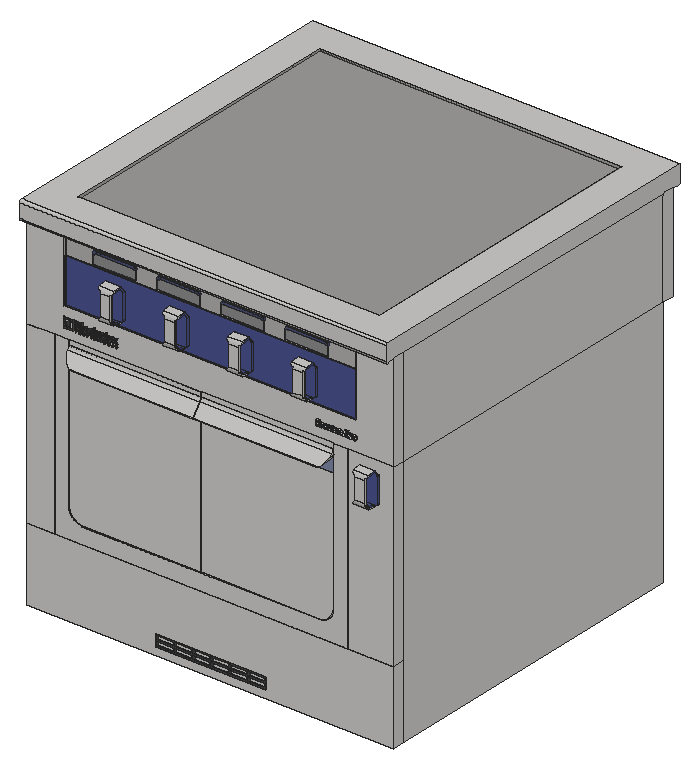
Revit family "QF_ELECTROLUXPROFESSIONAL_588436_MAIQFAH4AO", category Attrezzature speciali, Revit 2020
Family settings
  Quota connettore circolare = Usa diametro
  Tipo di parte = Normale
  Basato su piano di lavoro = No
  Sempre verticale = Sì
  Taglio con vuoti quando caricato = No
  Condiviso = No
  Punto di calcolo locali = No
Parameters (values of type "Standard")
  Weight = 72.00 kg
  Watts = 22000 W
  Volts = 400 V
  URL Manufacturer = "https://www.electroluxprofessional.com/"
  URL = "https://www.electroluxprofessional.com/"
  Steam Supply Size = 0"
  Steam Supply Minimum Pressure = 0.00 psi
  Steam Supply Maximum Pressure = 0.00 psi
  Steam Consumption per Hour = 0
  Refrigeration Suction Line Size = 0 mm
  Refrigeration Liquid Line Size = 0 mm
  Refrigerant Compressor Remote = yes
  Prospetto di default = 0 mm
  Phase = 3
  Modello = "MAIQFAH4AO"
  Produttore = "Electrolux Professional"
  Length Actual = 800 mm  # constant formula
  Item Number = "588436"
  Hot Water Size = 0"
  Height Actual = 800 mm  # constant formula
  HP = "29.5 HP"
  Gas Size = 0"
  Gas KW = 0
  Gas Input Pressure = 0.0 Btu/h
  Direct Waste Size = 0"
  Descrizione = "INDUCTION,4Z,WARM CAB,1S,800X800X800H"
  Depth Actual = 800 mm  # constant formula
  Cycle = 50 Hz
  Condensate Return Size = 0"
  Compressed Air Volume = 0 GPM
  Compressed Air Size = 0"
  Compressed Air Pressure = 0.00 psi
  Cold Water Size = 0"
  Accessory = yes
Reference planes
  plane 1 "BACK": y = 0
  plane 2: z = 0
  plane 3 "LEFT": x = 0
  plane 4 "RIGHT": x = 800
  plane 5 "FRONT": y = -800
  plane 6 "TOP": z = 900
  plane 7 "Center (Left/Right)": x = 400
  plane 8: y = -400
  plane 9: z = 100
  plane 10: y = -150
  plane 11 "Panel": y = -755
  plane 12: z = 798
  plane 13: z = 1327
  plane 14: x = 78
  plane 15: x = 722
  plane 16: y = -150
  plane 17: y = -650
  plane 18 "EIx": x = 755
  plane 19 "EIy": y = -585
  plane 20: x = 380
  plane 21 "BASE_TOP": z = 650
  plane 22: x = 60
  plane 23: x = 700
  plane 24: z = 260
  plane 25: z = 938
Forms (mm)
  Extrusion 1, solid, material "QF_Finishes_Stainless Steel"
    sketch origin (-178.969, -4572, 100) x (-1, 0, 0) y (0, -1, 0)
      loop
        line (-178.969, -4527) -> (-178.969, -3817) -> (-978.969, -3817) -> (-978.969, -4527) -> (-178.969, -4527)
    from 550 to 762.969
  Extrusion 2, solid, material "QF_Finishes_Stainless Steel"
    sketch origin (0, 0, 0) x (0, 1, 0) y (0, 0, 1)
      loop
        line (-755, 100) -> (-755, 260) -> (-780, 260) -> (-780, 100) -> (-755, 100)
    from 0 to 800
  Extrusion 3, solid, material "QF_Finishes_Stainless Steel"
    sketch origin (-588.969, -4562, 100) x (-1, 0, 0) y (0, -1, 0)
      loop
        circle (-1343.969, -3977) r 6.35
    from 0 to -11.851
  Extrusion 4, solid, material "QF_Finishes_Stainless Steel"
    sketch origin (400, 296.4, 1219.2) x (0, 1, 0) y (0, 0, 1)
      loop
        line (-296.4, -319.2) -> (-1091.4, -319.2)
        arc (-1091.4, -319.2) -> (-1094.935, -320.664) -> (-1096.4, -324.2) r 5
        line (-1096.4, -324.2) -> (-1096.4, -355.2)
        arc (-1096.4, -355.2) -> (-1094.971, -358.264) -> (-1091.705, -359.139) r 4
        line (-1091.705, -359.139) -> (-1076.4, -356.231) -> (-316.4, -356.231) -> (-301.094, -359.139)
        arc (-301.094, -359.139) -> (-297.829, -358.264) -> (-296.4, -355.2) r 4
        line (-296.4, -355.2) -> (-296.4, -319.2)
    from -400 to 400
  Extrusion 5, solid, material "QF_Finishes_Stainless Steel"
    sketch origin (-178.969, -4572, 100) x (-1, 0, 0) y (0, -1, 0)
      loop
        line (-178.969, -4527) -> (-178.969, -3817) -> (-978.969, -3817) -> (-978.969, -4527) -> (-178.969, -4527)
    from 550 to 0
  Extrusion 6, void
    sketch origin (0, -755, 0) x (-1, 0, 0) y (0, 0, 1)
      loop
        line (-520, 116.594) -> (-280, 116.594) -> (-280, 141.594) -> (-520, 141.594) -> (-520, 116.594)
    from -20 to -25
  Extrusion 7, solid, material "QF_Finishes_Black"
    sketch origin (0, -755, 0) x (-1, 0, 0) y (0, 0, 1)
      loop
        line (-280, 141.594) -> (-520, 141.594) -> (-520, 116.594) -> (-280, 116.594) -> (-280, 141.594)
      loop
        line (-282, 139.594) -> (-319.131, 139.594) -> (-319.131, 130.094) -> (-282, 130.094) -> (-282, 139.594)
      loop
        line (-282, 118.594) -> (-282, 128.094) -> (-319.131, 128.094) -> (-319.131, 118.594) -> (-282, 118.594)
      loop
        line (-321.131, 139.594) -> (-359.066, 139.594) -> (-359.066, 130.094) -> (-321.131, 130.094) -> (-321.131, 139.594)
      loop
        line (-399, 139.594) -> (-399, 130.094) -> (-361.066, 130.094) -> (-361.066, 139.594) -> (-399, 139.594)
      loop
        line (-401, 139.594) -> (-438.934, 139.594) -> (-438.934, 130.094) -> (-401, 130.094) -> (-401, 139.594)
      loop
        line (-359.066, 118.594) -> (-321.131, 118.594) -> (-321.131, 128.094) -> (-359.066, 128.094) -> (-359.066, 118.594)
      loop
        line (-361.066, 118.594) -> (-361.066, 128.094) -> (-399, 128.094) -> (-399, 118.594) -> (-361.066, 118.594)
      loop
        line (-401, 128.094) -> (-438.934, 128.094) -> (-438.934, 118.594) -> (-401, 118.594) -> (-401, 128.094)
      loop
        line (-518, 139.594) -> (-518, 130.094) -> (-480.869, 130.094) -> (-480.869, 139.594) -> (-518, 139.594)
      loop
        line (-518, 118.594) -> (-480.869, 118.594) -> (-480.869, 128.094) -> (-518, 128.094) -> (-518, 118.594)
      loop
        line (-478.869, 139.594) -> (-478.869, 130.094) -> (-440.934, 130.094) -> (-440.934, 139.594) -> (-478.869, 139.594)
      loop
        line (-440.934, 118.594) -> (-440.934, 128.094) -> (-478.869, 128.094) -> (-478.869, 118.594) -> (-440.934, 118.594)
    from -25 to -20
  Extrusion 8, solid, material "QF_Finishes_Stainless Steel"
    sketch origin (0, -755, 0) x (-1, 0, 0) y (0, 0, 1)
      loop
        line (0, 260) -> (0, 650) -> (-60, 650) -> (-60, 260) -> (0, 260)
    from 0 to -25.03
  Extrusion 9, solid, material "QF_Finishes_Stainless Steel"
    sketch origin (0, -755, 0) x (-1, 0, 0) y (0, 0, 1)
      loop
        line (-700, 260) -> (-700, 650) -> (-800, 650) -> (-800, 260) -> (-700, 260)
    from 0 to -25.03
  Extrusion 10, solid, material "QF_Finishes_Stainless Steel"
    sketch origin (70, -755, 0) x (-1, 0, 0) y (0, 0, 1)
      loop
        line (10, 260) -> (10, 650) -> (-20, 650) -> (-20, 325)
        arc (-20, 325) -> (-28.787, 303.787) -> (-50, 295) r 30
        line (-50, 295) -> (-570, 295)
        arc (-570, 295) -> (-591.213, 303.787) -> (-600, 325) r 30
        line (-600, 325) -> (-600, 650) -> (-630, 650) -> (-630, 260) -> (10, 260)
    from 0 to -25.03
  Extrusion 11, solid, material "QF_Finishes_Electrolux_Black Smoke Iluminated"
    sketch origin (0, 0, 900) x (-1, 0, 0) y (0, -1, 0)
      loop
        line (-70, 70) -> (-70, 730) -> (-730, 730) -> (-730, 70) -> (-70, 70)
    from -5 to 0
  Extrusion 12, void
    sketch origin (11.152, -20, 900) x (-1, 0, 0) y (0, -1, 0)
      loop
        line (-58.848, 50) -> (-58.848, 710) -> (-718.848, 710) -> (-718.848, 50) -> (-58.848, 50)
    from -5 to 40.278
  Extrusion 13, solid, material "QF_Finishes_Stainless Steel"
    sketch origin (400, 296.4, 1219.2) x (0, 1, 0) y (0, 0, 1)
      loop
        line (-341.4, -356.231) -> (-341.4, -569.2) -> (-316.4, -569.2) -> (-316.4, -356.231) -> (-341.4, -356.231)
    from -400 to 400
Cuts and joins
  Extrusion 6 cuts Extrusion 5
  Extrusion 6 cuts Extrusion 2
  Extrusion 12 cuts Extrusion 4
Lines and regions (mm)
  symbolic lines
    curve 1: line (0, 0, 100) -> (800, 0, 100)
    curve 2: line (0, -800, 100) -> (0, 0, 100)
    curve 3: line (800, -800, 100) -> (0, -800, 100)
    curve 4: line (800, 0, 100) -> (800, -800, 100)
    curve 43: line (0, -2, 900) -> (800, -2, 900)
  model lines
    curve 5: line (700, -80, 900) -> (100, -80, 900)
    curve 6: line (100, -80, 900) -> (78.787, -101.213, 900)
    curve 7: line (700, -80, 900) -> (721.213, -101.213, 900)
    curve 8: line (700, -720, 900) -> (100, -720, 900)
    curve 9: line (100, -720, 900) -> (78.787, -698.787, 900)
    curve 10: line (700, -720, 900) -> (721.213, -698.787, 900)
    curve 11: line (107.267, -132.845, 900) -> (107.267, -367.845, 900)
    curve 12: line (107.267, -367.845, 900) -> (124.945, -385.523, 900)
    curve 13: line (107.267, -132.845, 900) -> (124.945, -115.167, 900)
    curve 14: line (192.267, -250.345, 900) -> (292.267, -250.345, 900)
    curve 15: line (377.267, -132.845, 900) -> (377.267, -367.845, 900)
    curve 16: line (377.267, -367.845, 900) -> (359.59, -385.523, 900)
    curve 17: line (377.267, -132.845, 900) -> (359.59, -115.167, 900)
    curve 18: line (242.267, -300.345, 900) -> (242.267, -200.345, 900)
    curve 19: line (692.733, -132.845, 900) -> (692.733, -367.845, 900)
    curve 20: line (692.733, -367.845, 900) -> (675.055, -385.523, 900)
    curve 21: line (692.733, -132.845, 900) -> (675.055, -115.167, 900)
    curve 22: line (607.733, -250.345, 900) -> (507.733, -250.345, 900)
    curve 23: line (422.733, -132.845, 900) -> (422.733, -367.845, 900)
    curve 24: line (422.733, -367.845, 900) -> (440.41, -385.523, 900)
    curve 25: line (422.733, -132.845, 900) -> (440.41, -115.167, 900)
    curve 26: line (557.733, -300.345, 900) -> (557.733, -200.345, 900)
    curve 27: line (107.267, -667.155, 900) -> (107.267, -432.155, 900)
    curve 28: line (107.267, -432.155, 900) -> (124.945, -414.477, 900)
    curve 29: line (107.267, -667.155, 900) -> (124.945, -684.833, 900)
    curve 30: line (192.267, -549.655, 900) -> (292.267, -549.655, 900)
    curve 31: line (377.267, -667.155, 900) -> (377.267, -432.155, 900)
    curve 32: line (377.267, -432.155, 900) -> (359.59, -414.477, 900)
    curve 33: line (377.267, -667.155, 900) -> (359.59, -684.833, 900)
    curve 34: line (242.267, -499.655, 900) -> (242.267, -599.655, 900)
    curve 35: line (692.733, -667.155, 900) -> (692.733, -432.155, 900)
    curve 36: line (692.733, -432.155, 900) -> (675.055, -414.477, 900)
    curve 37: line (692.733, -667.155, 900) -> (675.055, -684.833, 900)
    curve 38: line (607.733, -549.655, 900) -> (507.733, -549.655, 900)
    curve 39: line (422.733, -667.155, 900) -> (422.733, -432.155, 900)
    curve 40: line (422.733, -432.155, 900) -> (440.41, -414.477, 900)
    curve 41: line (422.733, -667.155, 900) -> (440.41, -684.833, 900)
    curve 42: line (557.733, -499.655, 900) -> (557.733, -599.655, 900)
Dimensions and locks
  plane 3 "LEFT" to plane 4 "RIGHT" = 800 mm
  plane 5 "FRONT" to plane 1 "BACK" = 800 mm
  equal spacing: plane 3 "LEFT", plane 7 "Center (Left/Right)", plane 4 "RIGHT"
  equal spacing: plane 5 "FRONT", plane 8, plane 1 "BACK"
  plane 9 to level = 100 mm
  plane 1 "BACK" to plane 10 to plane 11 "Panel" = 150 mm, 605 mm  (x2)
  plane 6 "TOP" to plane 9 to level = 800 mm, 100 mm
  plane 6 "TOP" to level = 900 mm
  plane 1 "BACK" to plane 5 "FRONT" = 800 mm
  plane 1 "BACK" to Extrusion 3 = 585 mm
  plane 12 to plane 9 = 698 mm
  plane 13 to plane 6 "TOP" = 427 mm
  plane 6 "TOP" to plane 12 = 102 mm
  plane 14 to plane 3 "LEFT" = 78 mm
  plane 15 to plane 4 "RIGHT" = 78 mm
  locked: plane 1 "BACK" to plane 16 at 150
  locked: plane 16 to plane 17 at 500
  plane 11 "Panel" to plane 5 "FRONT" = 45 mm
  plane 18 "EIx" to plane 4 "RIGHT" = 45 mm
  plane 19 "EIy" to plane 1 "BACK" = 585 mm
  plane 7 "Center (Left/Right)" to plane 20 = 20 mm
  locked: plane 22 to plane 3 "LEFT" at 60
  plane 23 to plane 4 "RIGHT" = 100 mm
  plane 6 "TOP" to plane 21 "BASE_TOP" to plane 9 to level = 250 mm, 550 mm, 100 mm
  plane 25 to plane 6 "TOP" = 38 mm
  aligned and locked: level to plane 2
  aligned and locked: Extrusion 2 to plane 4 "RIGHT"
  aligned and locked: Extrusion 9 to plane 4 "RIGHT"
  aligned and locked: Extrusion 9 to plane 23
  aligned and locked: plane 21 "BASE_TOP" to Extrusion 9
  aligned and locked: Extrusion 9 to plane 24
  aligned and locked: Extrusion 8 to plane 3 "LEFT"
  aligned and locked: plane 22 to Extrusion 8
  aligned and locked: Extrusion 8 to plane 24
  aligned and locked: Extrusion 10 sketch curve to plane 22
  aligned and locked: Extrusion 10 sketch curve to plane 23
  aligned and locked: Extrusion 10 sketch curve to plane 21 "BASE_TOP"
  aligned and locked: plane 24 to cut or joined group of Extrusion 2, Extrusion 6
  aligned and locked: plane 21 "BASE_TOP" to cut or joined group of Extrusion 5, Extrusion 6
  aligned and locked: Extrusion 1 to plane 21 "BASE_TOP"
  aligned and locked: plane 3 "LEFT" to nested 3
  aligned and locked: nested 3 to plane 21 "BASE_TOP"
  aligned and locked: plane 21 "BASE_TOP" to nested 2
  aligned and locked: Extrusion 13 to Extrusion 1
  aligned and locked: Extrusion 13 to plane 3 "LEFT"
Automatic sketch dimensions
  Extrusion 3 sketch curve to plane 18 "EIx" = 0 mm
  Extrusion 3 sketch curve to plane 19 "EIy" = 0 mm
  Extrusion 1 sketch curve to plane 4 "RIGHT" = 0 mm
  Extrusion 1 sketch curve to plane 3 "LEFT" = 0 mm
  Extrusion 1 sketch curve to plane 11 "Panel" = 0 mm
  plane 1 "BACK" to Extrusion 1 sketch curve = 45 mm
  Extrusion 2 sketch curve to plane 9 = 0 mm
  Extrusion 2 sketch curve to plane 24 = 0 mm
  Extrusion 2 sketch curve to plane 11 "Panel" = 0 mm
  Extrusion 2 sketch curve to plane 5 "FRONT" = 20 mm
  plane 1 "BACK" to curve 1 = 0 mm
  curve 1 to plane 4 "RIGHT" = 0 mm
  curve 3 to plane 3 "LEFT" = 0 mm
  plane 5 "FRONT" to curve 3 = 0 mm
  Extrusion 4 sketch curve to plane 5 "FRONT" = 0 mm
  Extrusion 4 sketch curve to plane 6 "TOP" = 0 mm
  Extrusion 4 sketch curve to plane 1 "BACK" = 0 mm
  Extrusion 4 sketch curve to plane 5 "FRONT" = 4 mm
  Extrusion 4 sketch curve to Extrusion 4 sketch curve = 0.695 mm
  Extrusion 4 sketch curve to plane 5 "FRONT" = 5 mm
  Extrusion 4 sketch curve to Extrusion 4 sketch curve = 15.305 mm
  plane 1 "BACK" to Extrusion 4 sketch curve = 20 mm
  plane 1 "BACK" to Extrusion 4 sketch curve = 4.695 mm
  Extrusion 4 sketch curve to Extrusion 4 sketch curve = 4 mm
  Extrusion 4 sketch curve to Extrusion 4 sketch curve = 31 mm
  Extrusion 4 sketch curve to plane 6 "TOP" = 36 mm
  Extrusion 4 sketch curve to Extrusion 4 sketch curve = 2.909 mm
  Extrusion 5 sketch curve to plane 4 "RIGHT" = 0 mm
  Extrusion 5 sketch curve to plane 3 "LEFT" = 0 mm
  Extrusion 5 sketch curve to plane 11 "Panel" = 0 mm
  plane 1 "BACK" to Extrusion 5 sketch curve = 45 mm
  Extrusion 6 sketch curve to plane 24 = 118.406 mm
  plane 7 "Center (Left/Right)" to Extrusion 6 sketch curve = 120 mm
  Extrusion 6 sketch curve to plane 20 = 100 mm
  plane 9 to Extrusion 6 sketch curve = 16.594 mm
  Extrusion 7 sketch curve to plane 24 = 118.406 mm
  plane 7 "Center (Left/Right)" to Extrusion 7 sketch curve = 120 mm
  Extrusion 7 sketch curve to Extrusion 7 sketch curve = 2 mm  (x16)
  Extrusion 7 sketch curve to Extrusion 7 sketch curve = 0 mm  (x15)
  Extrusion 7 sketch curve to Extrusion 7 sketch curve = 37.131 mm  (x2)
  Extrusion 7 sketch curve to Extrusion 7 sketch curve = 37.934 mm  (x2)
  plane 7 "Center (Left/Right)" to Extrusion 7 sketch curve = 1 mm  (x2)
  Extrusion 7 sketch curve to plane 7 "Center (Left/Right)" = 1 mm  (x2)
  Extrusion 7 sketch curve to plane 20 = 18.934 mm
  plane 9 to Extrusion 7 sketch curve = 18.594 mm  (x4)
  Extrusion 7 sketch curve to Extrusion 7 sketch curve = 9.5 mm  (x6)
  curve 8 to plane 23 = 0 mm
  curve 7 to plane 23 = 0 mm
  curve 37 to plane 23 = 7.267 mm
  curve 19 to plane 23 = 7.267 mm
  plane 7 "Center (Left/Right)" to curve 23 = 22.733 mm
  plane 7 "Center (Left/Right)" to curve 39 = 22.733 mm
  curve 15 to plane 20 = 2.733 mm
  curve 33 to plane 20 = 2.733 mm
  curve 27 to plane 14 = 29.267 mm
  curve 11 to plane 14 = 29.267 mm
  curve 8 to plane 14 = 22 mm
  curve 5 to plane 14 = 22 mm
  plane 10 to curve 5 = 70 mm
  plane 10 to curve 21 = 17.155 mm
  plane 10 to curve 11 = 17.155 mm
  plane 10 to curve 17 = 17.155 mm
  plane 10 to curve 25 = 17.155 mm
  plane 8 to curve 16 = 32.155 mm
  plane 8 to curve 23 = 32.155 mm
  plane 8 to curve 19 = 32.155 mm
  plane 8 to curve 12 = 32.155 mm
  curve 35 to plane 8 = 32.155 mm
  curve 31 to plane 8 = 32.155 mm
  curve 40 to plane 8 = 32.155 mm
  curve 27 to plane 8 = 32.155 mm
  plane 17 to curve 29 = 17.155 mm
  plane 17 to curve 33 = 17.155 mm
  plane 17 to curve 35 = 17.155 mm
  plane 17 to curve 39 = 17.155 mm
  plane 11 "Panel" to curve 10 = 35 mm
  plane 15 to curve 10 = 0.787 mm
  plane 15 to curve 7 = 0.787 mm
  curve 20 to plane 23 = 24.945 mm
  curve 37 to plane 23 = 24.945 mm
  curve 21 to plane 23 = 24.945 mm
  curve 36 to plane 23 = 24.945 mm
  plane 19 "EIy" to curve 38 = 35.345 mm
  curve 38 to plane 23 = 92.267 mm
  curve 22 to plane 23 = 92.267 mm
  curve 22 to curve 26 = 50 mm  (x2)
  curve 38 to curve 42 = 50 mm
  curve 42 to curve 38 = 50 mm  (x2)
  curve 26 to curve 22 = 50 mm  (x2)
  curve 41 to curve 39 = 17.678 mm
  curve 40 to plane 8 = 14.477 mm
  curve 40 to curve 39 = 17.678 mm
  plane 8 to curve 24 = 14.477 mm
  curve 24 to curve 23 = 17.678 mm
  curve 25 to curve 23 = 17.678 mm  (x2)
  curve 33 to plane 20 = 20.41 mm
  curve 17 to plane 20 = 20.41 mm
  curve 16 to plane 20 = 20.41 mm
  curve 32 to plane 20 = 20.41 mm
  curve 14 to plane 20 = 87.733 mm
  plane 19 "EIy" to curve 30 = 35.345 mm
  curve 30 to plane 20 = 87.733 mm
  curve 34 to plane 19 "EIy" = 14.655 mm
  curve 30 to curve 34 = 50 mm
  curve 14 to curve 18 = 50 mm  (x2)
  curve 34 to curve 30 = 50 mm  (x2)
  curve 18 to curve 14 = 50 mm  (x2)
  plane 8 to curve 12 = 14.477 mm
  curve 12 to curve 11 = 17.678 mm
  curve 28 to plane 8 = 14.477 mm
  curve 28 to curve 27 = 17.678 mm
  curve 29 to curve 27 = 17.678 mm
  curve 13 to curve 11 = 17.678 mm  (x2)
  curve 9 to plane 14 = 0.787 mm
  curve 6 to plane 14 = 0.787 mm
  curve 5 to curve 7 = 21.213 mm
  curve 5 to curve 6 = 21.213 mm
  curve 17 to curve 15 = 17.678 mm
  curve 21 to curve 19 = 17.678 mm
  curve 26 to plane 10 = 50.345 mm
  curve 18 to plane 10 = 50.345 mm
  plane 8 to curve 16 = 14.477 mm
  plane 8 to curve 20 = 14.477 mm
  curve 36 to plane 8 = 14.477 mm
  curve 32 to plane 8 = 14.477 mm
  curve 42 to plane 19 "EIy" = 14.655 mm
  curve 31 to curve 33 = 17.678 mm
  curve 39 to curve 41 = 17.678 mm
  curve 27 to curve 29 = 17.678 mm
  curve 35 to curve 37 = 17.678 mm
  curve 10 to curve 8 = 21.213 mm
  curve 9 to curve 8 = 21.213 mm
  Extrusion 8 sketch curve to plane 22 = 0 mm
  Extrusion 8 sketch curve to plane 3 "LEFT" = 0 mm
  Extrusion 8 sketch curve to plane 24 = 0 mm
  Extrusion 8 sketch curve to plane 21 "BASE_TOP" = 0 mm
  plane 4 "RIGHT" to Extrusion 9 sketch curve = 0 mm
  Extrusion 9 sketch curve to plane 21 "BASE_TOP" = 0 mm
  Extrusion 9 sketch curve to plane 23 = 0 mm
  Extrusion 9 sketch curve to plane 24 = 0 mm
  Extrusion 10 sketch curve to plane 21 "BASE_TOP" = 0 mm
  Extrusion 10 sketch curve to plane 24 = 0 mm
  Extrusion 10 sketch curve to plane 23 = 30 mm
  Extrusion 10 sketch curve to Extrusion 10 sketch curve = 30 mm
  Extrusion 10 sketch curve to plane 14 = 42 mm
  Extrusion 10 sketch curve to plane 14 = 12 mm
  plane 24 to Extrusion 10 sketch curve = 35 mm
  Extrusion 11 sketch curve to plane 15 = 8 mm
  plane 14 to Extrusion 11 sketch curve = 8 mm
  plane 1 "BACK" to Extrusion 11 sketch curve = 70 mm
  plane 11 "Panel" to Extrusion 11 sketch curve = 25 mm
  Extrusion 12 sketch curve to plane 15 = 8 mm
  plane 14 to Extrusion 12 sketch curve = 8 mm
  plane 1 "BACK" to Extrusion 12 sketch curve = 70 mm
  plane 11 "Panel" to Extrusion 12 sketch curve = 25 mm
  Extrusion 13 sketch curve to plane 21 "BASE_TOP" = 0 mm
  plane 1 "BACK" to Extrusion 13 sketch curve = 45 mm
  plane 1 "BACK" to Extrusion 13 sketch curve = 20 mm
  Extrusion 13 sketch curve to plane 6 "TOP" = 37.031 mm
  radius of Extrusion 3 sketch curve = 6.35 mm
Nested families
  nested 1: "FIT Range Control Handle" at (745, -783.167, -372.751), type "FIT Range Control Handle"
  nested 2: "H450H2_2DOOR" at (343.958, -755, 200) x (1, 0, 0) z (0, -1, 0), type "H450H2_2DOOR"
    with Width 580 mm, Wdoor 290 mm, Show Clearance yes
  nested 3: "Front_Panel_W800_4 Knobs" at (202.376, -755, 0), type "Front_Panel_W800_4 Knobs"
Connectors
  electrical at (755, -585, 88.149)
    settings: on Extrusion 3, index 1, voltage 400 V, apparent load 33000 VA, apparent load phase1 0 VA, apparent load phase2 0 VA, apparent load phase3 0 VA, power factor 1, load classification "Other", number of poles 1, system type 30, power factor state 1, is connector primary yes, connector utility no, sub classification motor no, connector description "ELECTRICAL CONNECTION"
Definition of nested family "FIT Range Control Handle"
  Parameters
    Default Elevation = 0 mm
  Reference planes
    plane 1 "Center (Front/Back)": y = 0
    plane 2: z = 0
    plane 3 "Center (Left/Right)": x = 0
    plane 4: z = 971.092
    plane 5: y = -16.8
  Forms (mm)
    Extrusion 1, solid
      sketch origin (-746.28, 380.497, 208.931) x (-1, 0, 0) y (0, 0, 1)
        loop
          line (-770.101, 786.798) -> (-770.101, 731.649)
          arc (-770.101, 731.649) -> (-769.759, 730.563) -> (-768.855, 729.87) r 1.893
          line (-768.855, 729.87) -> (-763.474, 727.911) -> (-729.81, 727.911) -> (-724.428, 729.87)
          arc (-724.428, 729.87) -> (-723.525, 730.563) -> (-723.183, 731.649) r 1.893
          line (-723.183, 731.649) -> (-723.183, 786.798)
          arc (-723.183, 786.798) -> (-723.529, 787.894) -> (-724.44, 788.593) r 1.91
          line (-724.44, 788.593) -> (-729.683, 790.819) -> (-763.601, 790.819) -> (-768.844, 788.593)
          arc (-768.844, 788.593) -> (-769.755, 787.894) -> (-770.101, 786.798) r 1.91
      from -382.35 to -378.852
    Sweep 2, solid
      path origin (-746.788, 380.496, 208.091) x (0, -1, 0) y (0, 0, 1)
        loop
          line (379.775, 793.281) -> (395.661, 791.048)
          arc (395.661, 791.048) -> (397.781, 787.377) -> (398.517, 783.202) r 12.207
          line (398.517, 783.202) -> (398.517, 737.368)
          arc (398.517, 737.368) -> (397.781, 733.193) -> (395.661, 729.522) r 12.207
          line (395.661, 729.522) -> (379.775, 727.289)
      profile origin (-746.788, -7.222, 1000.256) x (0, -0.139173, 0.990268) y (-1, 0, 0)
        loop
          line (0.782, -763.123) -> (0.782, -730.907) -> (-1.322, -730.907) -> (-1.322, -763.123) -> (0.782, -763.123)
    Sweep 3, solid
      path origin (-746.788, 380.715, 207.832) x (0, -1, 0) y (0, 0, 1)
        loop
          line (380.478, 795.442) -> (397.218, 793.09)
          arc (397.218, 793.09) -> (399.929, 788.473) -> (400.871, 783.202) r 15.207
          line (400.871, 783.202) -> (400.871, 737.584)
          arc (400.871, 737.584) -> (399.914, 732.274) -> (397.164, 727.633) r 15.207
          line (397.164, 727.633) -> (380.601, 725.305)
      profile origin (-746.788, -8.132, 1002.099) x (0, -0.139173, 0.990268) y (-1, 0, 0)
        loop
          line (0.782, -763.123) -> (0.782, -730.907) -> (-1.322, -730.907) -> (-1.322, -763.123) -> (0.782, -763.123)
    Extrusion 4, void
      sketch origin (889.253, 220.666, 207.993) x (1, 0, 0) y (0, 0, 1)
        loop
          line (-943.038, 816.854) -> (-943.038, 703.686) -> (-899.466, 734.196) -> (-899.466, 786.344) -> (-943.038, 816.854)
      from 230.636 to 242.25
    Extrusion 5, void
      sketch origin (-888.8, 220.666, 207.993) x (-1, 0, 0) y (0, 0, -1)
        loop
          line (-943.038, -816.854) -> (-899.466, -786.344) -> (-899.466, -734.196) -> (-943.038, -703.686) -> (-943.038, -816.854)
      from 230.636 to 242.25
    Extrusion 6, solid
      sketch origin (0, 0, 0) x (1, 0, 0) y (0, 0, 1)
        loop
          circle (0, 971.092) r 7.736
      from -3.137 to -1.645
  Cuts and joins
    Extrusion 4, Extrusion 5 cuts Sweep 3
    Extrusion 4, Extrusion 5 cuts Sweep 2
    joined: Extrusion 1, Extrusion 6
  Lines and regions (mm)
    symbolic lines
      curve 1: line (-15.881, -19.189, 0) -> (-15.881, -16.8, 0)
      curve 2: line (16.334, -19.189, 0) -> (16.334, -16.8, 0)
      curve 3: spline (-15.881, -19.189, 0) -> (-15.417, -19.349, 0) -> (-14.951, -19.501, 0) -> (-14.483, -19.646, 0) -> (-14.014, -19.783, 0) -> (-13.543, -19.912, 0) -> (-13.071, -20.033, 0) -> (-12.597, -20.146, 0) -> (-12.122, -20.251, 0) -> (-11.646, -20.349, 0) -> (-11.169, -20.438, 0) -> (-10.691, -20.52, 0) -> (-10.213, -20.593, 0)
      curve 4: spline (10.666, -20.593, 0) -> (11.144, -20.52, 0) -> (11.622, -20.438, 0) -> (12.099, -20.349, 0) -> (12.575, -20.251, 0) -> (13.05, -20.146, 0) -> (13.524, -20.033, 0) -> (13.996, -19.912, 0) -> (14.467, -19.783, 0) -> (14.936, -19.646, 0) -> (15.404, -19.501, 0) -> (15.87, -19.349, 0) -> (16.334, -19.189, 0)
      curve 5: line (-10.213, -20.938, 0) -> (10.716, -20.938, 0)
  Dimensions and locks
    cut or joined group of Sweep 3, Extrusion 4, Extrusion 5 to cut or joined group of Sweep 3, Extrusion 4, Extrusion 5 = 71.686 mm
Definition of nested family "H450H2_2DOOR"
  Parameters
    Width [instance] = 580 mm
    Wdoor [instance] = Width / 2  # 290 mm
    Show Clearance [instance] = yes
    Model = "727995"
    Height = 450 mm
    Default Elevation = 0 mm
  Reference planes
    plane 1 "Center (Front/Back)": y = 0
    plane 2: z = 0
    plane 3 "Center (Left/Right)": x = 36.042
    plane 4 "panel": z = 25
    plane 5: x = -253.958
    plane 6: x = 326.042
    plane 7: y = 450
    plane 8: z = 290
    plane 9: z = 45
  Forms (mm)
    Extrusion 1, solid
      sketch origin (0, -919.2, 0) x (1, 0, 0) y (0, 1, 0)
        loop
          line (-980.5, 2119.2) -> (-980.5, -162.846) -> (881.94, -162.846) -> (881.94, 2119.2) -> (-980.5, 2119.2)
      from 0 to -59.546
    Extrusion 2, solid
      sketch origin (0, 0, 0) x (1, 0, 0) y (0, 1, 0)
        loop
          line (324.042, 393) -> (37.042, 393) -> (37.042, 97) -> (294.042, 97)
          arc (294.042, 97) -> (315.255, 105.787) -> (324.042, 127) r 30
          line (324.042, 127) -> (324.042, 393)
        loop
          arc (-251.958, 127) -> (-243.171, 105.787) -> (-221.958, 97) r 30
          line (-221.958, 97) -> (35.042, 97) -> (35.042, 393) -> (-251.958, 393) -> (-251.958, 127)
      from 0 to 25
    Extrusion 3, solid
      sketch origin (0, 0, 0) x (1, 0, 0) y (0, 1, 0)
        loop
          line (-251.958, 393) -> (35.042, 393) -> (35.042, 440) -> (-251.958, 440) -> (-251.958, 393)
        loop
          line (37.042, 440) -> (37.042, 393) -> (324.042, 393) -> (324.042, 440) -> (37.042, 440)
      from 0 to 25
    Extrusion 4, solid
      sketch origin (5.581, 79.805, 0) x (1, 0, 0) y (0, 1, 0)
        loop
          line (-257.539, 360.195) -> (29.461, 360.195) -> (29.461, 370.195) -> (-257.539, 370.195) -> (-257.539, 360.195)
        loop
          line (31.461, 370.195) -> (31.461, 360.195) -> (318.461, 360.195) -> (318.461, 370.195) -> (31.461, 370.195)
      from 0 to 25
    Extrusion 5, solid
      sketch origin (36.042, 0, 0) x (0, 1, 0) y (0, 0, 1)
        loop
          line (426.693, 25) -> (440.02, 25)
          arc (440.02, 25) -> (435.261, 25.775) -> (430.993, 28.02) r 15
          line (430.993, 28.02) -> (406.653, 46.362) -> (403.644, 42.369) -> (426.693, 25)
      from 1 to 288
    Extrusion 6, solid
      sketch origin (36.042, 0, 0) x (0, 1, 0) y (0, 0, 1)
        loop
          line (426.693, 25) -> (440.02, 25)
          arc (440.02, 25) -> (435.261, 25.775) -> (430.993, 28.02) r 15
          line (430.993, 28.02) -> (406.653, 46.362) -> (403.644, 42.369) -> (426.693, 25)
      from -288 to -1
    Extrusion 7, void
      sketch origin (0, 0, 0) x (1, 0, 0) y (0, 1, 0)
        loop
          arc (324.042, 426.693) -> (314.508, 412.772) -> (300.317, 403.644) r 42.603
          line (300.317, 403.644) -> (324.042, 403.644) -> (324.042, 426.693)
      from 0 to 47.9
    Extrusion 8, void
      sketch origin (72.084, 0, 0) x (-1, 0, 0) y (0, -1, 0)
        loop
          line (324.042, -426.693) -> (324.042, -403.644) -> (300.317, -403.644)
          arc (300.317, -403.644) -> (314.508, -412.772) -> (324.042, -426.693) r 42.603
      from 0 to 47.9
    Extrusion 9, solid, detail levels coarse
      sketch origin (0, 0, 0) x (1, 0, 0) y (0, 0, 1)
        loop
          arc (36.042, 25) -> (-41.575, 212.383) -> (-228.958, 290) r 265
          line (-228.958, 290) -> (-228.958, 25) -> (36.042, 25)
      from -450 to -97
    Extrusion 10, solid, detail levels coarse
      sketch origin (0, 0, 0) x (1, 0, 0) y (0, 0, 1)
        loop
          arc (301.042, 290) -> (113.659, 212.383) -> (36.042, 25) r 265
          line (36.042, 25) -> (301.042, 25) -> (301.042, 290)
      from -450 to -97
  Cuts and joins
    Extrusion 8 cuts Extrusion 6
    Extrusion 7 cuts Extrusion 5
  Lines and regions (mm)
    symbolic lines
      curve 1: line (326.042, 0, 45) -> (326.042, 0, 290)
      curve 2: line (301.042, 0, 45) -> (301.042, 0, 290)
      curve 3: line (326.042, 0, 290) -> (301.042, 0, 290)
      curve 4: line (-253.958, 0, 45) -> (-253.958, 0, 290)
      curve 5: line (-228.958, 0, 45) -> (-228.958, 0, 290)
      curve 6: line (-253.958, 0, 290) -> (-228.958, 0, 290)
      curve 7: arc (301.042, 0, 290) -> (120.901, 0, 219.356) -> (36.804, 0, 45.088) r 265
      curve 8: arc (35.286, 0, 44.997) -> (-48.783, 0, 219.325) -> (-228.958, 0, 290) r 265
  Dimensions and locks
    plane 4 "panel" to level = 25 mm
    "Width": plane 5 to plane 6
    equal spacing: plane 5, plane 3 "Center (Left/Right)", plane 6
    "Height": plane 1 "Center (Front/Back)" to plane 7
    locked: plane 5 to Extrusion 2 sketch curve at 2
    locked: Extrusion 2 sketch curve to plane 6 at 2
    locked: plane 1 "Center (Front/Back)" to Extrusion 2 sketch curve at 97
    locked: plane 7 to Extrusion 2 sketch curve at 57
    locked: Extrusion 2 sketch curve to plane 3 "Center (Left/Right)" at 1
    locked: plane 3 "Center (Left/Right)" to Extrusion 2 sketch curve at 1
    Extrusion 3 sketch curve to Extrusion 2 = 47 mm
    "Wdoor": plane 8 to level
    locked: curve 2 to curve 1 at 25
    locked: curve 5 to curve 4 at 25
    plane 4 "panel" to plane 9 = 20 mm
    aligned and locked: plane 2 to Extrusion 1
    aligned and locked: level to Extrusion 1
    aligned and locked: plane 4 "panel" to Extrusion 2
    aligned and locked: Extrusion 2 to Extrusion 3 sketch curve
    aligned and locked: Extrusion 3 sketch curve to Extrusion 2  (x2)
    aligned and locked: Extrusion 3 sketch curve to Extrusion 3 sketch curve
    aligned and locked: plane 4 "panel" to Extrusion 3
    aligned and locked: Extrusion 4 sketch curve to Extrusion 4 sketch curve
    aligned and locked: Extrusion 4 sketch curve to Extrusion 3  (x3)
    aligned and locked: Extrusion 3 to Extrusion 4 sketch curve
    aligned and locked: Extrusion 4 sketch curve to plane 7
    aligned and locked: Extrusion 3 to Extrusion 5
    aligned and locked: Extrusion 5 to Extrusion 3
    aligned and locked: Extrusion 6 to Extrusion 3
    aligned and locked: Extrusion 3 to Extrusion 6
    aligned and locked: Extrusion 7 sketch curve to Extrusion 5
    aligned and locked: Extrusion 8 to Extrusion 6
    aligned and locked: Extrusion 4 to Extrusion 8
    aligned and locked: Extrusion 2 to Extrusion 7
    aligned and locked: Extrusion 7 to Extrusion 5
    aligned and locked: Extrusion 4 to Extrusion 3  (x2)
    aligned and locked: Extrusion 3 to Extrusion 2
    aligned and locked: Extrusion 4 to Extrusion 2
    aligned and locked: curve 3 to plane 8
    aligned and locked: curve 1 to plane 6
    aligned and locked: curve 4 to plane 5
    aligned and locked: Extrusion 9 sketch curve to plane 4 "panel"
    aligned and locked: Extrusion 10 sketch curve to curve 7
    aligned and locked: Extrusion 10 sketch curve to curve 2
    aligned and locked: Extrusion 2 to Extrusion 9
    aligned and locked: Extrusion 2 to Extrusion 10
    aligned and locked: plane 7 to Extrusion 9
    aligned and locked: Extrusion 3 to Extrusion 4
  Automatic sketch dimensions
    Extrusion 1 sketch curve to Extrusion 1 sketch curve = 1862.44 mm
    Extrusion 1 sketch curve to Extrusion 1 sketch curve = 2282.046 mm
    Extrusion 2 sketch curve to Extrusion 2 sketch curve = 30 mm  (x2)
    Extrusion 2 sketch curve to plane 1 "Center (Front/Back)" = 97 mm
    Extrusion 2 sketch curve to Extrusion 2 sketch curve = 0 mm
    Extrusion 3 sketch curve to plane 3 "Center (Left/Right)" = 1 mm
    plane 5 to Extrusion 3 sketch curve = 2 mm
    Extrusion 3 sketch curve to Extrusion 3 sketch curve = 0 mm
    Extrusion 5 sketch curve to plane 4 "panel" = 0 mm
    plane 4 "panel" to Extrusion 5 sketch curve = 17.369 mm
    Extrusion 5 sketch curve to plane 7 = 46.356 mm
    plane 4 "panel" to Extrusion 5 sketch curve = 21.362 mm
    Extrusion 5 sketch curve to Extrusion 5 sketch curve = 3.009 mm
    plane 4 "panel" to Extrusion 5 sketch curve = 3.02 mm
    Extrusion 5 sketch curve to Extrusion 5 sketch curve = 9.027 mm
    Extrusion 6 sketch curve to plane 4 "panel" = 0 mm
    plane 4 "panel" to Extrusion 6 sketch curve = 17.369 mm
    Extrusion 6 sketch curve to plane 7 = 46.356 mm
    plane 4 "panel" to Extrusion 6 sketch curve = 21.362 mm
    Extrusion 6 sketch curve to Extrusion 6 sketch curve = 3.009 mm
    plane 4 "panel" to Extrusion 6 sketch curve = 3.02 mm
    Extrusion 6 sketch curve to Extrusion 6 sketch curve = 9.027 mm
    Extrusion 7 sketch curve to Extrusion 7 sketch curve = 23.725 mm
    Extrusion 7 sketch curve to plane 7 = 6.671 mm
    Extrusion 7 sketch curve to plane 6 = 41.221 mm
    Extrusion 7 sketch curve to plane 7 = 23.307 mm
    plane 7 to Extrusion 8 sketch curve = 6.671 mm
    Extrusion 8 sketch curve to plane 5 = 41.221 mm
    Extrusion 8 sketch curve to plane 5 = 25.725 mm
    Extrusion 8 sketch curve to plane 5 = 2 mm
    plane 7 to Extrusion 8 sketch curve = 23.307 mm
    Extrusion 4 sketch curve to Extrusion 4 sketch curve = 10 mm
    Extrusion 4 sketch curve to plane 7 = 10 mm
    curve 2 to plane 9 = 0 mm
    curve 5 to plane 9 = 0 mm
    curve 4 to plane 9 = 0 mm
    curve 1 to plane 9 = 0 mm
    curve 8 to plane 4 "panel" = 0 mm
    curve 5 to plane 8 = 0 mm
    curve 8 to plane 9 = 0.003 mm
    curve 7 to plane 4 "panel" = 0 mm
    plane 9 to curve 7 = 0.088 mm
Definition of nested family "Front_Panel_W800_4 Knobs"
  Parameters
    Default Elevation = 0 mm
  Reference planes
    plane 1 "Center (Front/Back)": y = 0
    plane 2: z = 0
    plane 3 "Center (Left/Right)": x = 197.624
    plane 4 "Left": x = -202.376
    plane 5 "Right": x = 597.624
    plane 6: y = -45
    plane 7: x = -12.376
    plane 8: x = 127.624
    plane 9: y = -310
    plane 10: y = -25
    plane 11: x = 517.624
    plane 12: x = -122.376
  Forms (mm)
    Extrusion 1, solid
      sketch origin (833.217, 829.203, -1.25) x (0, 1, 0) y (0, 0, 1)
        loop
          line (-854.203, 651.25) -> (-829.203, 651.25) -> (-829.203, 864.25) -> (-854.203, 864.25) -> (-854.203, 651.25)
      from -1035.593 to -235.593
    Extrusion 2, void
      sketch origin (0, 0, 0) x (1, 0, 0) y (0, 0, 1)
        loop
          line (-122.376, 853.866) -> (-122.376, 711.866) -> (517.624, 711.866) -> (517.624, 853.866) -> (-122.376, 853.866)
      from 19.387 to 33.951
  Cuts and joins
    Extrusion 2 cuts Extrusion 1
  Dimensions and locks
    equal spacing: plane 5 "Right", plane 3 "Center (Left/Right)", plane 4 "Left"
    plane 5 "Right" to plane 4 "Left" = 800 mm
    plane 3 "Center (Left/Right)" to plane 7 = 210 mm
    plane 3 "Center (Left/Right)" to plane 8 = 70 mm
    plane 6 to plane 9 = 265 mm
    aligned and locked: cut or joined group of Extrusion 1, Extrusion 2 to plane 4 "Left"
    aligned and locked: plane 5 "Right" to cut or joined group of Extrusion 1, Extrusion 2
    aligned and locked: plane 3 "Center (Left/Right)" to nested 2
    aligned and locked: cut or joined group of Extrusion 1, Extrusion 2 to nested 2
  Automatic sketch dimensions
    Extrusion 1 sketch curve to plane 1 "Center (Front/Back)" = 0 mm
    level to Extrusion 1 sketch curve = 650 mm
    plane 4 "Left" to Extrusion 2 sketch curve = 80 mm
    Extrusion 2 sketch curve to plane 5 "Right" = 80 mm
    level to Extrusion 2 sketch curve = 711.866 mm
    Extrusion 2 sketch curve to Extrusion 2 sketch curve = 142 mm
    Extrusion 1 sketch curve to plane 6 = 20 mm
    Extrusion 1 sketch curve to Extrusion 1 sketch curve = 213 mm
  Nested families
    nested 1: "Range Control Handle" at (-12.376, -28.137, -209.113) x (-1, 0, 0) z (0, 0, 1), type "Range Control Handle"
    nested 2: "Front glass control panel W800" at (197.624, 280.644, 2.752), type "Front glass control panel W800"
    nested 3: "Range Control Handle" at (127.624, -28.137, -209.113) x (-1, 0, 0) z (0, 0, 1), type "Range Control Handle"
    nested 4: "Range Control Handle" at (407.624, -28.137, -209.113), type "Range Control Handle"
    nested 5: "Range Control Handle" at (267.624, -28.137, -209.113), type "Range Control Handle"
    nested 6: "ELX_ThermaLine_Small" at (468.838, -25, 679.426) x (1, 0, 0) z (0, -1, 0), type "ELX_ThermaLine_Small"
      with Show Logo yes, Material_Logo none
    nested 7: "ELX_Professional_Logo_Small" at (-62.89, -25, 681.659) x (1, 0, 0) z (0, -1, 0), type "ELX_Professional_Logo_Small"
      with Show Logo yes, Material_Logo none
  Definition of nested family "Range Control Handle"
    Parameters
      Default Elevation = 0 mm
    Reference planes
      plane 1 "Center (Front/Back)": y = 0
      plane 2: z = 0
      plane 3 "Center (Left/Right)": x = 0
      plane 4: z = 971.092
      plane 5: y = -16.9
    Forms (mm)
      Extrusion 1, solid
        sketch origin (-746.28, 380.497, 208.931) x (-1, 0, 0) y (0, 0, 1)
          loop
            line (-770.101, 786.798) -> (-770.101, 731.649)
            arc (-770.101, 731.649) -> (-769.759, 730.563) -> (-768.855, 729.87) r 1.893
            line (-768.855, 729.87) -> (-763.474, 727.911) -> (-729.81, 727.911) -> (-724.428, 729.87)
            arc (-724.428, 729.87) -> (-723.525, 730.563) -> (-723.183, 731.649) r 1.893
            line (-723.183, 731.649) -> (-723.183, 786.798)
            arc (-723.183, 786.798) -> (-723.529, 787.894) -> (-724.44, 788.593) r 1.91
            line (-724.44, 788.593) -> (-729.683, 790.819) -> (-763.601, 790.819) -> (-768.844, 788.593)
            arc (-768.844, 788.593) -> (-769.755, 787.894) -> (-770.101, 786.798) r 1.91
        from -382.35 to -378.852
      Sweep 2, solid
        path origin (-746.788, 380.496, 208.091) x (0, -1, 0) y (0, 0, 1)
          loop
            line (379.775, 793.281) -> (395.661, 791.048)
            arc (395.661, 791.048) -> (397.781, 787.377) -> (398.517, 783.202) r 12.207
            line (398.517, 783.202) -> (398.517, 737.368)
            arc (398.517, 737.368) -> (397.781, 733.193) -> (395.661, 729.522) r 12.207
            line (395.661, 729.522) -> (379.775, 727.289)
        profile origin (-746.788, -7.222, 1000.256) x (0, -0.139173, 0.990268) y (-1, 0, 0)
          loop
            line (0.782, -763.123) -> (0.782, -730.907) -> (-1.322, -730.907) -> (-1.322, -763.123) -> (0.782, -763.123)
      Sweep 3, solid
        path origin (-746.788, 380.715, 207.832) x (0, -1, 0) y (0, 0, 1)
          loop
            line (380.478, 795.442) -> (397.218, 793.09)
            arc (397.218, 793.09) -> (399.929, 788.473) -> (400.871, 783.202) r 15.207
            line (400.871, 783.202) -> (400.871, 737.584)
            arc (400.871, 737.584) -> (399.914, 732.274) -> (397.164, 727.633) r 15.207
            line (397.164, 727.633) -> (380.601, 725.305)
        profile origin (-746.788, -8.132, 1002.099) x (0, -0.139173, 0.990268) y (-1, 0, 0)
          loop
            line (0.782, -763.123) -> (0.782, -730.907) -> (-1.322, -730.907) -> (-1.322, -763.123) -> (0.782, -763.123)
      Extrusion 4, void
        sketch origin (889.253, 220.666, 207.993) x (1, 0, 0) y (0, 0, 1)
          loop
            line (-943.038, 816.854) -> (-943.038, 703.686) -> (-899.466, 734.196) -> (-899.466, 786.344) -> (-943.038, 816.854)
        from 230.636 to 242.25
      Extrusion 5, void
        sketch origin (-888.8, 220.666, 207.993) x (-1, 0, 0) y (0, 0, -1)
          loop
            line (-943.038, -816.854) -> (-899.466, -786.344) -> (-899.466, -734.196) -> (-943.038, -703.686) -> (-943.038, -816.854)
        from 230.636 to 242.25
      Extrusion 6, solid
        sketch origin (0, 0, 0) x (1, 0, 0) y (0, 0, 1)
          loop
            circle (0, 971.092) r 7.736
        from -3.137 to -1.645
    Cuts and joins
      Extrusion 4, Extrusion 5 cuts Sweep 3
      Extrusion 4, Extrusion 5 cuts Sweep 2
      joined: Extrusion 1, Extrusion 6
    Lines and regions (mm)
      symbolic lines
        curve 1: line (16.334, -16.9, 0) -> (16.334, -19.227, 0)
        curve 2: spline (16.334, -19.227, 0) -> (15.87, -19.385, 0) -> (15.404, -19.536, 0) -> (14.936, -19.678, 0) -> (14.466, -19.813, 0) -> (13.995, -19.94, 0) -> (13.523, -20.059, 0) -> (13.049, -20.171, 0) -> (12.575, -20.274, 0) -> (12.099, -20.37, 0) -> (11.622, -20.458, 0) -> (11.144, -20.537, 0) -> (10.666, -20.609, 0)
        curve 3: line (10.666, -16.9, 0) -> (10.666, -20.938, 0)
        curve 4: line (-10.213, -20.938, 0) -> (10.666, -20.938, 0)
        curve 5: line (-10.213, -20.938, 0) -> (-10.213, -16.9, 0)
        curve 6: spline (-10.213, -20.609, 0) -> (-10.691, -20.537, 0) -> (-11.169, -20.458, 0) -> (-11.646, -20.37, 0) -> (-12.122, -20.274, 0) -> (-12.597, -20.171, 0) -> (-13.07, -20.059, 0) -> (-13.542, -19.94, 0) -> (-14.013, -19.813, 0) -> (-14.483, -19.678, 0) -> (-14.951, -19.536, 0) -> (-15.417, -19.385, 0) -> (-15.881, -19.227, 0)
        curve 7: line (-15.881, -19.227, 0) -> (-15.881, -16.9, 0)
  Definition of nested family "Front glass control panel W800"
    Parameters
      Default Elevation = 0 mm
    Reference planes
      plane 1 "Center (Front/Back)": y = 0
      plane 2: z = 0
      plane 3 "Center (Left/Right)": x = 0
    Forms (mm)
      Extrusion 1, solid
        sketch origin (378.286, 0, 0.617) x (1, 0, 0) y (0, 0, 1)
          loop
            line (-698.286, 806.791) -> (-698.286, 708.497) -> (-58.286, 708.497) -> (-58.286, 806.791) -> (-698.286, 806.791)
        from 300.031 to 304.8
      Extrusion 2, solid
        sketch origin (378.286, 0, 0.617) x (1, 0, 0) y (0, 0, 1)
          loop
            line (-698.286, 850.497) -> (-698.286, 806.791) -> (-58.286, 806.791) -> (-58.286, 850.497) -> (-698.286, 850.497)
        from 300.031 to 304.8
      Extrusion 3, void
        sketch origin (378.286, 0, 0.617) x (1, 0, 0) y (0, 0, 1)
          loop
            line (-695.628, 847.565) -> (-695.628, 710.699) -> (-61.196, 710.699) -> (-61.196, 847.565) -> (-695.628, 847.565)
        from 303.697 to 304.8
      Extrusion 4, solid
        sketch origin (-378.333, 1.101, -0.633) x (-1, 0, 0) y (0, 0, -1)
          loop
            line (-261.431, -812.62) -> (-355.186, -812.62) -> (-355.186, -834.177) -> (-350.269, -834.177) -> (-348.469, -835.977) -> (-268.039, -835.977) -> (-266.24, -834.177) -> (-261.431, -834.177) -> (-261.431, -812.62)
        from 304.798 to 306.745
      Extrusion 5, solid
        sketch origin (-378.333, 1.101, -0.633) x (-1, 0, 0) y (0, 0, -1)
          loop
            line (-350.269, -834.177) -> (-355.078, -834.177)
            arc (-355.078, -834.177) -> (-353.942, -838.747) -> (-349.686, -840.763) r 5.5
            line (-349.686, -840.763) -> (-266.98, -840.763)
            arc (-266.98, -840.763) -> (-262.706, -838.752) -> (-261.529, -834.177) r 5.549
            line (-261.529, -834.177) -> (-266.24, -834.177) -> (-268.039, -835.977) -> (-348.469, -835.977) -> (-350.269, -834.177)
        from 304.798 to 306.745
      Extrusion 6, solid
        sketch origin (-518.333, 1.101, -0.633) x (-1, 0, 0) y (0, 0, -1)
          loop
            line (-261.431, -812.62) -> (-355.186, -812.62) -> (-355.186, -834.177) -> (-350.269, -834.177) -> (-348.469, -835.977) -> (-268.039, -835.977) -> (-266.24, -834.177) -> (-261.431, -834.177) -> (-261.431, -812.62)
        from 304.798 to 306.745
      Extrusion 7, solid
        sketch origin (-518.333, 1.101, -0.633) x (-1, 0, 0) y (0, 0, -1)
          loop
            line (-350.269, -834.177) -> (-355.078, -834.177)
            arc (-355.078, -834.177) -> (-353.942, -838.747) -> (-349.686, -840.763) r 5.5
            line (-349.686, -840.763) -> (-266.98, -840.763)
            arc (-266.98, -840.763) -> (-262.706, -838.752) -> (-261.529, -834.177) r 5.549
            line (-261.529, -834.177) -> (-266.24, -834.177) -> (-268.039, -835.977) -> (-348.469, -835.977) -> (-350.269, -834.177)
        from 304.798 to 306.745
      Extrusion 8, solid
        sketch origin (378.333, 1.101, -0.633) x (1, 0, 0) y (0, 0, 1)
          loop
            line (-261.431, 812.62) -> (-261.431, 834.177) -> (-266.24, 834.177) -> (-268.039, 835.977) -> (-348.469, 835.977) -> (-350.269, 834.177) -> (-355.186, 834.177) -> (-355.186, 812.62) -> (-261.431, 812.62)
        from 304.798 to 306.745
      Extrusion 9, solid
        sketch origin (378.333, 1.101, -0.633) x (1, 0, 0) y (0, 0, 1)
          loop
            line (-350.269, 834.177) -> (-348.469, 835.977) -> (-268.039, 835.977) -> (-266.24, 834.177) -> (-261.529, 834.177)
            arc (-261.529, 834.177) -> (-262.706, 838.752) -> (-266.98, 840.763) r 5.549
            line (-266.98, 840.763) -> (-349.686, 840.763)
            arc (-349.686, 840.763) -> (-353.942, 838.747) -> (-355.078, 834.177) r 5.5
            line (-355.078, 834.177) -> (-350.269, 834.177)
        from 304.798 to 306.745
      Extrusion 10, solid
        sketch origin (518.333, 1.101, -0.633) x (1, 0, 0) y (0, 0, 1)
          loop
            line (-261.431, 812.62) -> (-261.431, 834.177) -> (-266.24, 834.177) -> (-268.039, 835.977) -> (-348.469, 835.977) -> (-350.269, 834.177) -> (-355.186, 834.177) -> (-355.186, 812.62) -> (-261.431, 812.62)
        from 304.798 to 306.745
      Extrusion 11, solid
        sketch origin (518.333, 1.101, -0.633) x (1, 0, 0) y (0, 0, 1)
          loop
            line (-350.269, 834.177) -> (-348.469, 835.977) -> (-268.039, 835.977) -> (-266.24, 834.177) -> (-261.529, 834.177)
            arc (-261.529, 834.177) -> (-262.706, 838.752) -> (-266.98, 840.763) r 5.549
            line (-266.98, 840.763) -> (-349.686, 840.763)
            arc (-349.686, 840.763) -> (-353.942, 838.747) -> (-355.078, 834.177) r 5.5
            line (-355.078, 834.177) -> (-350.269, 834.177)
        from 304.798 to 306.745
    Cuts and joins
      Extrusion 3 cuts Extrusion 1
      Extrusion 3 cuts Extrusion 2
    Dimensions and locks
      aligned and locked: Extrusion 1 to Extrusion 2
      aligned and locked: Extrusion 5 sketch curve to Extrusion 4  (x5)
      aligned and locked: Extrusion 5 to Extrusion 4
      aligned and locked: Extrusion 7 sketch curve to Extrusion 6  (x5)
      aligned and locked: Extrusion 7 to Extrusion 6
      aligned and locked: Extrusion 9 sketch curve to Extrusion 8  (x4)
      aligned and locked: Extrusion 8 to Extrusion 9 sketch curve
      aligned and locked: Extrusion 9 to Extrusion 8
      aligned and locked: Extrusion 11 sketch curve to Extrusion 10  (x4)
      aligned and locked: Extrusion 10 to Extrusion 11 sketch curve
      aligned and locked: Extrusion 11 to Extrusion 10
  Definition of nested family "ELX_ThermaLine_Small"
    Parameters
      Show Logo [instance] = yes
      Material_Logo [instance] = none
      Default Elevation = 0 mm
    Reference planes
      plane 1 "Centro (Fronte/Retro)": y = 0
      plane 2: z = 0
      plane 3 "Centro (Sinistra/Destra)": x = 0
    Forms (mm)
      Extrusion 1, solid
        sketch origin (0, 0, 0) x (1, 0, 0) y (0, 1, 0)
          loop
            line (-1219.2, 1219.2) -> (-1219.2, -1219.2) -> (1219.2, -1219.2) -> (1219.2, 1219.2) -> (-1219.2, 1219.2)
        from 0 to -304.8
      Extrusion 2, solid
        sketch origin (0, 0, 0) x (1, 0, 0) y (0, 1, 0)
          loop
            line (-37.494, 1.229) -> (-35.908, 1.229) -> (-35.908, 3.066) -> (-37.494, 3.066) -> (-37.494, 6.221) -> (-39.867, 4.881) -> (-39.867, 3.066) -> (-40.969, 3.066) -> (-40.969, 1.229) -> (-39.867, 1.229) -> (-39.867, -3.407)
            arc (-39.867, -3.407) -> (-38.982, -5.513) -> (-36.751, -6.001) r 2.478
            line (-36.751, -6.001) -> (-35.638, -5.7) -> (-35.9, -3.835) -> (-36.661, -4.039)
            arc (-36.661, -4.039) -> (-37.236, -3.924) -> (-37.494, -3.399) r 0.662
            line (-37.494, -3.399) -> (-37.494, 1.229)
          loop
            line (-34.242, 6.539) -> (-34.242, -5.848) -> (-31.854, -5.848) -> (-31.854, -0.078)
            arc (-31.854, -0.078) -> (-30.939, 1.249) -> (-29.33, 1.367) r 1.866
            arc (-29.33, 1.367) -> (-28.695, 0.768) -> (-28.461, -0.073) r 1.627
            line (-28.461, -0.073) -> (-28.461, -5.848) -> (-26.086, -5.848) -> (-26.064, -0.46)
            arc (-26.064, -0.46) -> (-26.261, 0.932) -> (-26.786, 2.237) r 5.825
            arc (-26.786, 2.237) -> (-29.381, 3.264) -> (-31.854, 1.971) r 3.353
            line (-31.854, 1.971) -> (-31.854, 6.539) -> (-34.242, 6.539)
          loop
            arc (-18.398, -0.598) -> (-18.893, 0.879) -> (-20.326, 1.487) r 1.897
            arc (-20.326, 1.487) -> (-21.461, 0.708) -> (-21.897, -0.598) r 2.164
            line (-21.897, -0.598) -> (-18.398, -0.598)
          loop
            arc (-16.021, -2.044) -> (-16.754, 1.227) -> (-19.444, 3.226) r 4.814
            arc (-19.444, 3.226) -> (-22.137, 2.788) -> (-23.943, 0.743) r 4.054
            arc (-23.943, 0.743) -> (-24.382, -1.249) -> (-24.162, -3.276) r 6.289
            arc (-24.162, -3.276) -> (-23.302, -4.71) -> (-21.958, -5.705) r 4.28
            arc (-21.958, -5.705) -> (-18.558, -5.814) -> (-16.152, -3.409) r 4.28
            line (-16.152, -3.409) -> (-18.5, -2.995)
            arc (-18.5, -2.995) -> (-19.273, -3.994) -> (-20.533, -4.076) r 1.536
            arc (-20.533, -4.076) -> (-21.56, -3.281) -> (-21.958, -2.044) r 2.197
            line (-21.958, -2.044) -> (-16.021, -2.044)
          loop
            line (-14.165, -5.848) -> (-11.819, -5.848) -> (-11.819, -2.138)
            arc (-11.819, -2.138) -> (-11.787, -1.156) -> (-11.637, -0.185) r 8.18
            arc (-11.637, -0.185) -> (-10.644, 0.972) -> (-9.132, 0.776) r 1.603
            line (-9.132, 0.776) -> (-8.419, 2.846)
            arc (-8.419, 2.846) -> (-10.432, 3.118) -> (-11.994, 1.821) r 2.527
            line (-11.994, 1.821) -> (-11.994, 3.094) -> (-14.165, 3.094) -> (-14.165, -5.848)
          loop
            line (-7.579, 3.094) -> (-7.579, -5.848) -> (-5.178, -5.848) -> (-5.178, -0.756)
            arc (-5.178, -0.756) -> (-4.727, 0.679) -> (-3.417, 1.419) r 2.05
            arc (-3.417, 1.419) -> (-2.499, 0.908) -> (-2.155, -0.085) r 1.471
            line (-2.155, -0.085) -> (-2.155, -5.848) -> (0.23, -5.848) -> (0.23, -1.001)
            arc (0.23, -1.001) -> (0.47, 0.127) -> (1.148, 1.061) r 2.775
            arc (1.148, 1.061) -> (2.225, 1.329) -> (3.05, 0.587) r 1.182
            arc (3.05, 0.587) -> (3.199, -0.019) -> (3.214, -0.642) r 2.894
            line (3.214, -0.642) -> (3.214, -5.848) -> (5.601, -5.848) -> (5.601, 0.261)
            arc (5.601, 0.261) -> (4.87, 2.263) -> (2.976, 3.241) r 2.932
            arc (2.976, 3.241) -> (1.284, 2.973) -> (-0.047, 1.896) r 3.309
            arc (-0.047, 1.896) -> (-1.116, 2.865) -> (-2.506, 3.258) r 3.16
            arc (-2.506, 3.258) -> (-4.105, 2.942) -> (-5.376, 1.92) r 3.419
            line (-5.376, 1.92) -> (-5.376, 3.094) -> (-7.579, 3.094)
          loop
            line (7.583, 0.738) -> (9.702, 0.364)
            arc (9.702, 0.364) -> (11.441, 1.492) -> (12.855, -0.023) r 1.613
            line (12.855, -0.023) -> (9.782, -0.789)
            arc (9.782, -0.789) -> (8.559, -1.346) -> (7.617, -2.305) r 3.687
            arc (7.617, -2.305) -> (7.499, -3.681) -> (7.901, -5.003) r 3.651
            arc (7.901, -5.003) -> (9.107, -5.766) -> (10.515, -6.006) r 3.635
            arc (10.515, -6.006) -> (11.898, -5.697) -> (13.067, -4.895) r 3.734
            line (13.067, -4.895) -> (13.376, -5.848) -> (15.75, -5.848) -> (15.212, -4.193) -> (15.212, 0.38)
            arc (15.212, 0.38) -> (14.897, 1.849) -> (13.818, 2.895) r 2.585
            arc (13.818, 2.895) -> (11.792, 3.442) -> (9.719, 3.11) r 5.005
            arc (9.719, 3.11) -> (8.369, 2.178) -> (7.583, 0.738) r 3.54
          loop
            line (19.723, -5.848) -> (22.233, -5.848) -> (24.854, 6.484) -> (22.345, 6.484) -> (19.723, -5.848)
          loop
            line (24.583, -5.848) -> (26.953, -5.848) -> (28.848, 3.066) -> (26.478, 3.066) -> (24.583, -5.848)
          loop
            line (27.204, 6.484) -> (26.741, 4.305) -> (29.111, 4.305) -> (29.575, 6.484) -> (27.204, 6.484)
          loop
            line (29.355, -5.848) -> (31.849, -5.848) -> (33.098, 0.028)
            arc (33.098, 0.028) -> (34.169, 1.306) -> (35.832, 1.422) r 2.132
            arc (35.832, 1.422) -> (36.324, 0.752) -> (36.383, -0.078) r 1.5
            line (36.383, -0.078) -> (35.157, -5.848) -> (37.536, -5.848) -> (38.936, 0.738)
            arc (38.936, 0.738) -> (38.775, 2.091) -> (37.825, 3.066) r 2.118
            arc (37.825, 3.066) -> (35.392, 3.175) -> (33.295, 1.937) r 4.271
            line (33.295, 1.937) -> (33.535, 3.066) -> (31.25, 3.066) -> (29.355, -5.848)
          loop
            line (42.792, -0.64) -> (46.589, -0.64)
            arc (46.589, -0.64) -> (46.639, 0.124) -> (46.327, 0.823) r 1.589
            arc (46.327, 0.823) -> (45.117, 1.521) -> (43.762, 1.183) r 1.865
            arc (43.762, 1.183) -> (43.141, 0.344) -> (42.792, -0.64) r 3.538
          loop
            line (42.565, -2.138) -> (48.593, -2.138)
            arc (48.593, -2.138) -> (48.58, 0.597) -> (46.983, 2.818) r 4.494
            arc (46.983, 2.818) -> (44.191, 3.28) -> (41.725, 1.891) r 4.26
            arc (41.725, 1.891) -> (40.503, -0.3) -> (40.284, -2.799) r 6.003
            arc (40.284, -2.799) -> (40.959, -4.468) -> (42.377, -5.576) r 3.482
            arc (42.377, -5.576) -> (44.265, -5.961) -> (46.152, -5.576) r 4.823
            arc (46.152, -5.576) -> (47.432, -4.731) -> (48.328, -3.485) r 4.245
            line (48.328, -3.485) -> (46.168, -3.105)
            arc (46.168, -3.105) -> (45.214, -4.072) -> (43.859, -4.181) r 1.953
            arc (43.859, -4.181) -> (42.821, -3.408) -> (42.565, -2.138) r 1.81
          loop
            line (12.868, -1.553) -> (10.216, -2.214)
            arc (10.216, -2.214) -> (9.747, -3.136) -> (10.216, -4.058) r 1.14
            arc (10.216, -4.058) -> (11.537, -4.249) -> (12.614, -3.46) r 1.763
            arc (12.614, -3.46) -> (12.858, -2.522) -> (12.868, -1.553) r 3.97
        from 0 to 1.6
    Dimensions and locks
      aligned and locked: plane 2 to Extrusion 1
      aligned and locked: level to Extrusion 1
  Definition of nested family "ELX_Professional_Logo_Small"
    Parameters
      Show Logo [instance] = yes
      Material_Logo [instance] = none
      Default Elevation = 0 mm
    Reference planes
      plane 1 "Centro (Fronte/Retro)": y = 0
      plane 2: z = 0
      plane 3 "Centro (Sinistra/Destra)": x = 0
    Forms (mm)
      Extrusion 1, solid
        sketch origin (0, 0, 0) x (1, 0, 0) y (0, 1, 0)
          loop
            line (-1219.2, 1219.2) -> (-1219.2, -1219.2) -> (1219.2, -1219.2) -> (1219.2, 1219.2) -> (-1219.2, 1219.2)
        from 0 to -304.8
      Extrusion 2, solid, material <- "Material_Logo"
        sketch origin (15.5, 0, 0) x (1, 0, 0) y (0, 1, 0)
          loop
            spline (-42.99, -1.24) -> (-43.195, -1.231) -> (-43.415, -1.203) -> (-43.642, -1.152) -> (-43.87, -1.074) -> (-44.095, -0.966) -> (-44.309, -0.825) -> (-44.506, -0.647) -> (-44.681, -0.429) -> (-44.828, -0.167) -> (-44.94, 0.142) -> (-45.011, 0.501) -> (-45.037, 0.915)
            line (-45.037, 0.915) -> (-45.037, 2.748) -> (-38.984, 2.748) -> (-38.984, 5.086) -> (-45.038, 5.086) -> (-45.038, 8.489) -> (-38.599, 8.489) -> (-38.599, 10.82) -> (-47.515, 10.82) -> (-47.515, 1.021)
            spline (-47.515, 1.021) -> (-47.493, 0.418) -> (-47.425, -0.15) -> (-47.311, -0.682) -> (-47.15, -1.175) -> (-46.939, -1.628) -> (-46.678, -2.038) -> (-46.365, -2.404) -> (-46, -2.723) -> (-45.58, -2.995) -> (-45.105, -3.216) -> (-44.573, -3.385) -> (-43.983, -3.499)
            line (-43.983, -3.499) -> (-43.01, -3.569) -> (-38.426, -3.569) -> (-38.426, -1.24) -> (-42.99, -1.24)
